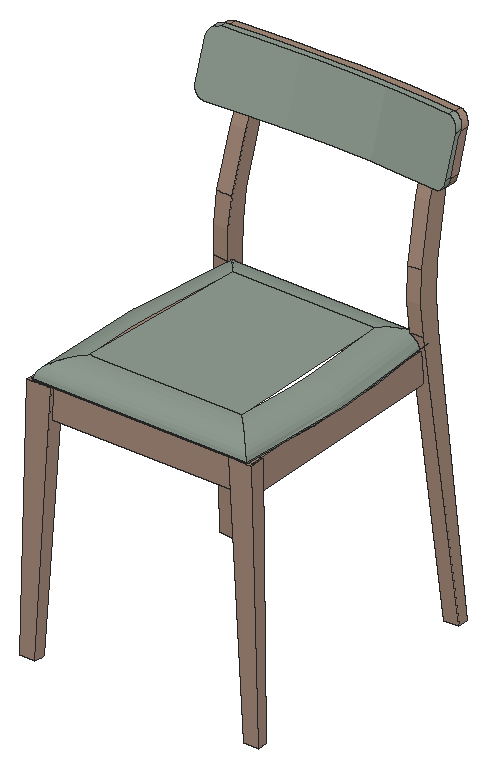
Revit family "FU_Chair_Sandler_Inga 1-3", category Furniture, Revit 2020
Family settings
  OmniClass Number = 23.40.20.00
  OmniClass Title = General Furniture and Specialties
  Work Plane-Based = No
  Always vertical = Yes
  Cut with Voids When Loaded = No
  Shared = No
  Room Calculation Point = No
Parameters (values of type "Inga 1.3")
  Width = 465 mm
  URL = "https://www.sandlerseating.com/product/inga-1-3/"
  Seat = Fabric - Mainline Flax - Bayswater MLF24
  Model = "Inga 1.3"
  Manufacturer = "Sandler"
  Height = 850 mm
  Frame = Wood - Stain - Canaletto
  Description = "Side chair with an upholstered seat and back on a solid beech frame."
  Depth = 505 mm
  Default Elevation = 0 mm
Reference planes
  plane 1 "Center (Front/Back)": y = 0
  plane 2: z = 0
  plane 3 "Center (Left/Right)": x = 0
  plane 4 "Right": x = -232.5
  plane 5 "Left": x = 232.5
  plane 6 "Back": y = 252.5
  plane 7 "Front": y = -252.5
  plane 8 "Height": z = 850
  plane 9 "Seat height": z = 480
  plane 10 "BR L Angle Front": through (-170.406, -1524, 798.107) normal (0.9986, 0, -0.0525)
  plane 11 "Frame Height": z = 464.829
Forms (mm)
  Extrusion 1, solid, material "Wood - Stain - Canaletto" <- "Frame"
    sketch origin (-211.773, 0, 11.254) x (0.052501, 0, 0.998621) y (0, -1, 0)
      loop
        line (-11.17, -211.485) -> (-11.17, -231.113) -> (480.792, -196.712)
        arc (480.792, -196.712) -> (535.769, -194.943) -> (590.586, -199.497) r 478.313
        arc (590.586, -199.497) -> (681.592, -217.224) -> (770.268, -244.297) r 892.578
        arc (770.268, -244.297) -> (782.45, -242.471) -> (787.563, -231.264) r 12.917
        arc (787.563, -231.264) -> (691.299, -191.886) -> (590.509, -166.224) r 748.904
        arc (590.509, -166.224) -> (535.595, -160.79) -> (480.526, -164.305) r 340.245
        line (480.526, -164.305) -> (-11.17, -211.485)
    from -9.615 to 16.927
  Extrusion 2, solid, material "Wood - Stain - Canaletto" <- "Frame"
    sketch origin (211.773, 0, 11.254) x (-0.052501, 0, 0.998621) y (0, 1, 0)
      loop
        line (-11.17, 211.485) -> (480.526, 164.305)
        arc (480.526, 164.305) -> (535.595, 160.79) -> (590.509, 166.224) r 340.245
        arc (590.509, 166.224) -> (691.299, 191.886) -> (787.563, 231.264) r 748.904
        arc (787.563, 231.264) -> (782.45, 242.471) -> (770.268, 244.297) r 12.917
        arc (770.268, 244.297) -> (681.592, 217.224) -> (590.586, 199.497) r 892.578
        arc (590.586, 199.497) -> (535.769, 194.943) -> (480.792, 196.712) r 478.313
        line (480.792, 196.712) -> (-11.17, 231.113) -> (-11.17, 211.485)
    from -9.615 to 16.927
  Blend 3, solid, material "Wood - Stain - Canaletto" <- "Frame"
    base sketch origin (0, 0, 0) x (1, 0, 0) y (0, 1, 0)
      loop
        line (-222.143, -252.5) -> (-194.143, -252.5) -> (-192.581, -235) -> (-220.581, -235) -> (-222.143, -252.5)
    top sketch origin (0, 0, 0) x (1, 0, 0) y (0, 1, 0)
      loop
        line (-208.793, -252.5) -> (-165.202, -252.5) -> (-163.672, -225.762) -> (-207.263, -225.762) -> (-208.793, -252.5)
    from 0 to 464.829
  Blend 4, solid, material "Wood - Stain - Canaletto" <- "Frame"
    base sketch origin (0, 0, 0) x (-1, 0, 0) y (0, -1, 0)
      loop
        line (-222.143, 252.5) -> (-220.581, 235) -> (-192.581, 235) -> (-194.143, 252.5) -> (-222.143, 252.5)
    top sketch origin (0, 0, 0) x (-1, 0, 0) y (0, -1, 0)
      loop
        line (-208.793, 252.5) -> (-207.263, 225.762) -> (-163.672, 225.762) -> (-165.202, 252.5) -> (-208.793, 252.5)
    from 0 to 464.829
  Extrusion 5, solid, material "Wood - Stain - Canaletto" <- "Frame"
    sketch origin (0, 0, 464.829) x (-1, 0, 0) y (0, -1, 0)
      loop
        line (205.371, 246.484) -> (-205.371, 246.484) -> (-187.14, -189.895) -> (187.14, -189.895) -> (205.371, 246.484)
      loop
        line (-187.207, 232.22) -> (-170.168, -175.631) -> (170.168, -175.631) -> (187.207, 232.22) -> (-187.207, 232.22)
    from -56.316 to 0
  Sweep 6, solid, material "Wood - Stain - Canaletto" <- "Frame"
    path origin (0, 0, 0) x (0, 1, 0) y (0, 0, 1)
      loop
        line (215.898, 721.402) -> (256.979, 850)
    profile "Pro_Inga_Back : Pro_Inga_Back" origin (0, 236.438, 785.701) x (0, -0.952575, 0.304305) y (1, 0, 0)
      loop
        arc (30.116, 241.175) -> (0, -0.038) -> (30.717, -241.175) r 971.366
        line (30.717, -241.175) -> (45.91, -241.175)
        arc (45.91, -241.175) -> (14.46, 0.005) -> (45.984, 241.175) r 939.367
        line (45.984, 241.175) -> (30.116, 241.175)
  Extrusion 7, void
    sketch origin (0, 0, 0) x (1, 0, 0) y (0, 0, 1)
      loop
        arc (208.576, 848.782) -> (-0.03, 839.221) -> (-208.686, 847.622) r 2427.677
        arc (-208.686, 847.622) -> (-223.736, 842.463) -> (-230.129, 827.895) r 19.796
        line (-230.129, 827.895) -> (-230.129, 758.749)
        arc (-230.129, 758.749) -> (-224.91, 745.356) -> (-212.006, 739.024) r 19.796
        arc (-212.006, 739.024) -> (0.082, 730.343) -> (212.117, 740.222) r 2427.677
        arc (212.117, 740.222) -> (224.948, 746.586) -> (230.128, 759.938) r 19.796
        line (230.128, 759.938) -> (230.128, 829.064)
        arc (230.128, 829.064) -> (223.695, 843.67) -> (208.576, 848.782) r 19.796
      loop
        line (-261.767, 883.137) -> (-261.767, 708.137) -> (258.233, 708.137) -> (258.233, 883.137) -> (-261.767, 883.137)
    from -262.214 to -161.753
  Extrusion 8, solid, material "Fabric - Mainline Flax - Bayswater MLF24" <- "Seat"
    sketch origin (0, 0, 464.829) x (-1, 0, 0) y (0, -1, 0)
      loop
        line (143.159, 192.5) -> (-143.159, 192.5)
        arc (-143.159, 192.5) -> (-144.86, 31.03) -> (-131.489, -129.895) r 1729.054
        line (-131.489, -129.895) -> (131.489, -129.895)
        arc (131.489, -129.895) -> (144.86, 31.03) -> (143.159, 192.5) r 1729.054
    from 0 to 36
  Sweep 9, solid, material "Fabric - Mainline Flax - Bayswater MLF24" <- "Seat"
    path in 3D
      loop
        arc (143.159, -192.5, 500.829) -> (144.86, -31.03, 500.829) -> (131.489, 129.895, 500.829) r 1729.054
        line (131.489, 129.895, 500.829) -> (-131.489, 129.895, 500.829)
        arc (-131.489, 129.895, 500.829) -> (-144.86, -31.03, 500.829) -> (-143.159, -192.5, 500.829) r 1729.054
        line (-143.159, -192.5, 500.829) -> (143.159, -192.5, 500.829)
    profile "Pro_Inga_Seat_Edge : Pro_Inga_Seat_Edge" origin (0, -192.5, 500.829) x (0, 1, 0) y (0, 0, 1)
      loop
        spline (0, 0) -> (-7.53, -0.285) -> (-14.94, -1.134) -> (-22.115, -2.534) -> (-28.939, -4.464) -> (-35.306, -6.892) -> (-41.115, -9.781) -> (-46.274, -13.084) -> (-50.701, -16.75) -> (-54.327, -20.719) -> (-57.093, -24.931) -> (-58.957, -29.317) -> (-59.889, -33.809)
        arc (-59.889, -33.809) -> (-58.813, -35.39) -> (-57, -36) r 3
        line (-57, -36) -> (0, -36) -> (0, 0)
  Sweep 10, solid, material "Fabric - Mainline Flax - Bayswater MLF24" <- "Seat"
    path origin (0, 0, 0) x (0, 1, 0) y (0, 0, 1)
      loop
        line (215.898, 721.402) -> (256.979, 850)
    profile "Pro_Inga_Uph-Back : Pro_Inga_Uph-Back" origin (0, 236.438, 785.701) x (0, -0.952575, 0.304305) y (1, 0, 0)
      loop
        arc (45.116, 241.175) -> (15, -0.038) -> (45.717, -241.175) r 971.366
        line (45.717, -241.175) -> (56.451, -241.175)
        arc (56.451, -241.175) -> (25, 0.005) -> (56.524, 241.175) r 939.367
        line (56.524, 241.175) -> (45.116, 241.175)
  Extrusion 11, void
    sketch origin (-2.5, 0, 0) x (1, 0, 0) y (0, 0, 1)
      loop
        arc (210.726, 850.67) -> (-0.03, 841.01) -> (-210.837, 849.498) r 2452.694
        arc (-210.837, 849.498) -> (-226.041, 844.286) -> (-232.5, 829.568) r 20
        line (-232.5, 829.568) -> (-232.5, 759.709)
        arc (-232.5, 759.709) -> (-227.228, 746.178) -> (-214.191, 739.78) r 20
        arc (-214.191, 739.78) -> (0.083, 731.011) -> (214.303, 740.992) r 2452.694
        arc (214.303, 740.992) -> (227.266, 747.421) -> (232.5, 760.91) r 20
        line (232.5, 760.91) -> (232.5, 830.749)
        arc (232.5, 830.749) -> (226, 845.505) -> (210.726, 850.67) r 20
      loop
        line (-261.767, 883.137) -> (-261.767, 708.137) -> (258.233, 708.137) -> (258.233, 883.137) -> (-261.767, 883.137)
    from -262.214 to -161.753
Cuts and joins
  joined: Extrusion 8, Sweep 9
  Extrusion 11 cuts Sweep 10
  Extrusion 7 cuts Sweep 6
Lines and regions (mm)
  sketch lines
    curve 1: line (-143.159, -192.5, 500.829) -> (143.159, -192.5, 500.829)
    curve 2: arc (131.489, 129.895, 500.829) -> (144.86, -31.03, 500.829) -> (143.159, -192.5, 500.829) r 1729.054
    curve 3: line (131.489, 129.895, 500.829) -> (-131.489, 129.895, 500.829)
    curve 4: arc (-143.159, -192.5, 500.829) -> (-144.86, -31.03, 500.829) -> (-131.489, 129.895, 500.829) r 1729.054
Dimensions and locks
  equal spacing: plane 4 "Right", plane 3 "Center (Left/Right)", plane 5 "Left"
  "Width": plane 4 "Right" to plane 5 "Left"
  equal spacing: plane 6 "Back", plane 1 "Center (Front/Back)", plane 7 "Front"
  "Depth": plane 6 "Back" to plane 7 "Front"
  "Height": plane 8 "Height" to level
  plane 9 "Seat height" to level = 480 mm
  aligned and locked: level to plane 2
  aligned and locked: plane 11 "Frame Height" to Extrusion 5
Automatic sketch dimensions
  Extrusion 1 sketch curve to plane 6 "Back" = 41.015 mm
  Extrusion 1 sketch curve to Extrusion 1 sketch curve = 467.74 mm
  Extrusion 1 sketch curve to Extrusion 1 sketch curve = 9.088 mm
  Extrusion 1 sketch curve to plane 6 "Back" = 88.195 mm
  Extrusion 1 sketch curve to Extrusion 1 sketch curve = 491.695 mm
  Extrusion 1 sketch curve to plane 6 "Back" = 55.788 mm
  Extrusion 1 sketch curve to Extrusion 1 sketch curve = 0.267 mm
  Extrusion 1 sketch curve to Extrusion 1 sketch curve = 67.07 mm
  Extrusion 1 sketch curve to Extrusion 1 sketch curve = 6.017 mm
  Extrusion 1 sketch curve to plane 6 "Back" = 20.345 mm
  Extrusion 1 sketch curve to Extrusion 1 sketch curve = 293.884 mm
  plane 6 "Back" to Extrusion 1 sketch curve = 248.484 mm
  Extrusion 1 sketch curve to Extrusion 1 sketch curve = 172.118 mm
  Extrusion 1 sketch curve to Extrusion 1 sketch curve = 229.952 mm
  Extrusion 1 sketch curve to Extrusion 1 sketch curve = 180.235 mm
  Extrusion 1 sketch curve to Extrusion 1 sketch curve = 19.628 mm
  Extrusion 1 sketch curve to Extrusion 1 sketch curve = 0 mm  (x3)
  Extrusion 2 sketch curve to plane 6 "Back" = 41.015 mm
  Extrusion 2 sketch curve to Extrusion 2 sketch curve = 467.74 mm
  Extrusion 2 sketch curve to Extrusion 2 sketch curve = 9.088 mm
  Extrusion 2 sketch curve to plane 6 "Back" = 88.195 mm
  Extrusion 2 sketch curve to Extrusion 2 sketch curve = 491.695 mm
  Extrusion 2 sketch curve to plane 6 "Back" = 55.788 mm
  Extrusion 2 sketch curve to Extrusion 2 sketch curve = 0.267 mm
  Extrusion 2 sketch curve to Extrusion 2 sketch curve = 67.07 mm
  Extrusion 2 sketch curve to Extrusion 2 sketch curve = 6.017 mm
  Extrusion 2 sketch curve to plane 6 "Back" = 20.345 mm
  Extrusion 2 sketch curve to Extrusion 2 sketch curve = 293.884 mm
  Extrusion 2 sketch curve to Extrusion 2 sketch curve = 19.628 mm
  plane 6 "Back" to Extrusion 2 sketch curve = 248.484 mm
  Extrusion 2 sketch curve to Extrusion 2 sketch curve = 172.118 mm
  Extrusion 2 sketch curve to Extrusion 2 sketch curve = 229.952 mm
  Extrusion 2 sketch curve to Extrusion 2 sketch curve = 180.235 mm
  Extrusion 2 sketch curve to Extrusion 2 sketch curve = 0 mm  (x3)
  Blend 3 sketch curve to plane 7 "Front" = 0 mm  (x2)
  Blend 3 sketch curve to plane 4 "Right" = 10.357 mm
  Blend 3 sketch curve to plane 4 "Right" = 11.919 mm
  Blend 3 sketch curve to Blend 3 sketch curve = 28 mm
  plane 7 "Front" to Blend 3 sketch curve = 17.5 mm
  Blend 3 sketch curve to Blend 3 sketch curve = 1.563 mm
  Blend 3 sketch curve to plane 4 "Right" = 23.707 mm
  Blend 3 sketch curve to plane 4 "Right" = 25.237 mm
  Blend 3 sketch curve to Blend 3 sketch curve = 43.591 mm
  plane 7 "Front" to Blend 3 sketch curve = 26.738 mm
  Blend 3 sketch curve to Blend 3 sketch curve = 1.53 mm
  Blend 4 sketch curve to plane 7 "Front" = 0 mm  (x2)
  Blend 4 sketch curve to plane 5 "Left" = 10.357 mm
  Blend 4 sketch curve to plane 5 "Left" = 11.919 mm
  Blend 4 sketch curve to Blend 4 sketch curve = 28 mm
  Blend 4 sketch curve to plane 7 "Front" = 17.5 mm
  Blend 4 sketch curve to Blend 4 sketch curve = 1.563 mm
  Blend 4 sketch curve to plane 5 "Left" = 23.707 mm
  Blend 4 sketch curve to plane 5 "Left" = 25.237 mm
  Blend 4 sketch curve to Blend 4 sketch curve = 43.591 mm
  Blend 4 sketch curve to plane 7 "Front" = 26.738 mm
  Blend 4 sketch curve to Blend 4 sketch curve = 1.53 mm
  plane 7 "Front" to Extrusion 5 sketch curve = 6.016 mm
  plane 5 "Left" to Extrusion 5 sketch curve = 27.129 mm
  plane 5 "Left" to Extrusion 5 sketch curve = 45.36 mm
  Extrusion 5 sketch curve to Extrusion 5 sketch curve = 16.972 mm  (x2)
  Extrusion 5 sketch curve to plane 4 "Right" = 62.332 mm
  plane 7 "Front" to Extrusion 5 sketch curve = 20.28 mm
  Extrusion 5 sketch curve to plane 4 "Right" = 45.293 mm
  Extrusion 5 sketch curve to Extrusion 5 sketch curve = 18.164 mm  (x2)
  Extrusion 5 sketch curve to plane 6 "Back" = 76.869 mm
  Extrusion 5 sketch curve to Extrusion 5 sketch curve = 14.264 mm
  Sweep 6 sketch curve to plane 8 "Height" = 0 mm
  Sweep 6 sketch curve to plane 6 "Back" = 36.602 mm
  plane 6 "Back" to Sweep 6 sketch curve = 4.479 mm
  Sweep 6 sketch curve to plane 8 "Height" = 128.598 mm
  plane 1 "Center (Front/Back)" to Extrusion 8 sketch curve = 93.577 mm  (x2)
  Extrusion 8 sketch curve to plane 5 "Left" = 1350.562 mm
  plane 5 "Left" to Extrusion 8 sketch curve = 101.011 mm
  Extrusion 8 sketch curve to plane 4 "Right" = 101.011 mm
  plane 7 "Front" to Extrusion 8 sketch curve = 60 mm
  Extrusion 8 sketch curve to plane 3 "Center (Left/Right)" = 143.159 mm
  plane 5 "Left" to Extrusion 8 sketch curve = 89.341 mm
  Sweep 10 sketch curve to plane 8 "Height" = 0 mm
  Sweep 10 sketch curve to plane 6 "Back" = 36.602 mm
  plane 6 "Back" to Sweep 10 sketch curve = 4.479 mm
  Sweep 10 sketch curve to plane 8 "Height" = 128.598 mm
  plane 4 "Right" to Extrusion 11 sketch curve = 31.767 mm
  plane 4 "Right" to Extrusion 11 sketch curve = 2.5 mm
  Extrusion 11 sketch curve to plane 4 "Right" = 17.5 mm  (x2)
  Extrusion 11 sketch curve to plane 3 "Center (Left/Right)" = 9.349 mm  (x2)
  plane 5 "Left" to Extrusion 11 sketch curve = 22.5 mm  (x2)
  plane 5 "Left" to Extrusion 11 sketch curve = 2.5 mm
  Extrusion 11 sketch curve to plane 5 "Left" = 23.233 mm
  Extrusion 11 sketch curve to plane 8 "Height" = 141.863 mm
  Extrusion 11 sketch curve to Extrusion 11 sketch curve = 51.572 mm
  Extrusion 11 sketch curve to Extrusion 11 sketch curve = 52.773 mm
  Extrusion 11 sketch curve to plane 8 "Height" = 20.432 mm
  Extrusion 11 sketch curve to plane 8 "Height" = 19.251 mm
  plane 8 "Height" to Extrusion 11 sketch curve = 33.137 mm
  Extrusion 11 sketch curve to Extrusion 11 sketch curve = 2300.558 mm
  Extrusion 11 sketch curve to Extrusion 11 sketch curve = 110 mm
  Extrusion 11 sketch curve to Extrusion 11 sketch curve = 0 mm  (x2)
  plane 4 "Right" to Extrusion 7 sketch curve = 29.267 mm
  Extrusion 7 sketch curve to plane 4 "Right" = 2.371 mm
  Extrusion 7 sketch curve to Extrusion 7 sketch curve = 19.796 mm  (x2)
  Extrusion 7 sketch curve to plane 3 "Center (Left/Right)" = 6.779 mm  (x2)
  plane 5 "Left" to Extrusion 7 sketch curve = 22.168 mm  (x2)
  plane 5 "Left" to Extrusion 7 sketch curve = 2.372 mm
  Extrusion 7 sketch curve to plane 5 "Left" = 25.733 mm
  Extrusion 7 sketch curve to plane 8 "Height" = 141.863 mm
  Extrusion 7 sketch curve to Extrusion 7 sketch curve = 50.612 mm
  Extrusion 7 sketch curve to Extrusion 7 sketch curve = 51.801 mm
  Extrusion 7 sketch curve to plane 8 "Height" = 22.105 mm
  Extrusion 7 sketch curve to plane 8 "Height" = 20.936 mm
  plane 8 "Height" to Extrusion 7 sketch curve = 33.137 mm
  Extrusion 7 sketch curve to Extrusion 7 sketch curve = 2274.874 mm
  Extrusion 7 sketch curve to Extrusion 7 sketch curve = 108.878 mm
  Extrusion 7 sketch curve to Extrusion 7 sketch curve = 0 mm  (x2)
